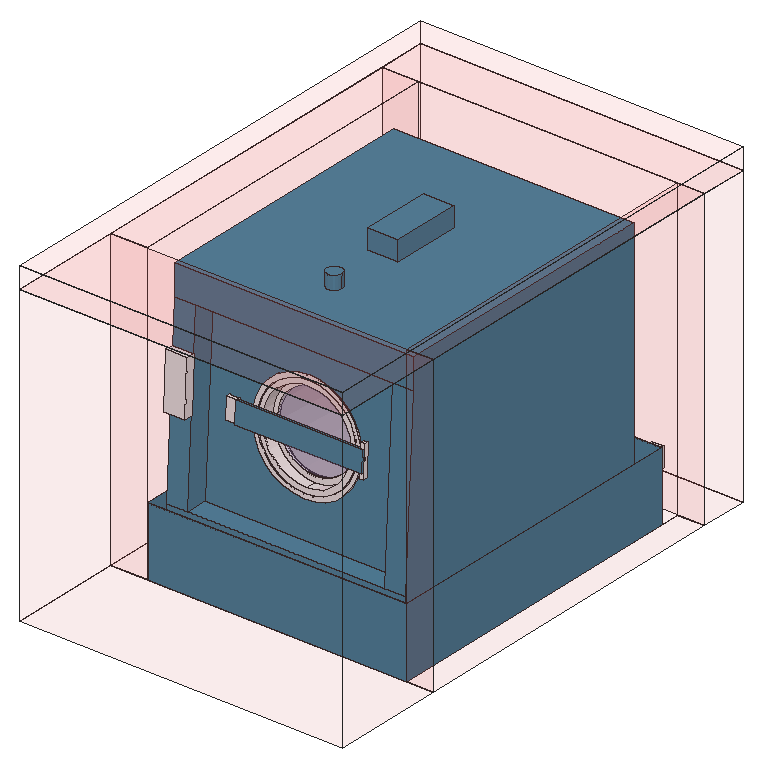
Revit family "Washer_Milnor_48040-F7B", category Mechanical Equipment, Revit 2026
Family settings
  Round Connector Dimension = Use Diameter
  Part Type = Normal
  Classification Number = 23.45.70.11.14.11
  Work Plane-Based = Yes
  Always vertical = No
  Cut with Voids When Loaded = No
  Maintain Annotation Orientation = No
  Shared = No
  Room Calculation Point = No
Parameters (values of type "Plus 480-60-3ph")
  doorgas = 2' - 4 1/2"
  Warranty Duration (Years) = 0
  Voltage_MEP = 480 V
  Vibration Frequency = 11.07
  Unit Width = 7' - 1 1/2"
  Unit Weight = 10031
  Unit Height = 8' - 2 1/4"
  Unit Depth = 9' - 4"
  URL = "http://www.milnor.com/"
  Specification = ""
  SpecWizard = ""
  Send Message = "http://www.arcat.com/users.pl?action=UserEmail&company=Pellerin+Milnor+Corp.&coid=34740&rep=108&fax=504-468-3094&mf="
  Sales Information = "http://www.milnor.com/contact_us.aspx"
  Revision = "R1_04-2011"
  Product Properties = ""
  Product Data = "http://www.arcat.com/arcatcos/cos34/arc34740.html"
  Phase = 3
  Number of Poles = 1
  Model = "48040F7B"
  Manufacturer Website = "http://www.milnor.com/"
  Manufacturer Phone - Toll Free = "800-469-8780"
  Manufacturer Phone = "504-467-9591"
  Manufacturer Fax = "504-468-3094"
  Manufacturer Address = "700 Jackson St.   Kenner, LA 70062"
  Manufacturer = "Pellerin Milnor Corp"
  Maintenance Schedule (Months) = 0
  MEP Amperage = 30 A
  Keynote = "11110"
  Interior Finish [instance] = Metal - Stainless Steel - Milnor - as Specified
  Installation-Fabrication = ""
  Installation Phase = ""
  Green Building-LEED = ""
  Frequency = 60 Hz
  Expected Lifespan (Years) = 0
  Dynamic Load = 1459.68 kip
  Drawn By = "Sumex Design, Inc. / Robert S. Weygant, CSI, CDT, SCIP"
  Door Opening Depth = 2' - 5 3/32"
  Door Opening = 2' - 6"
  Door Glazing [instance] = Glazing - Milnor - as Specified
  Door Finish [instance] = Metal - Stainless Steel - Milnor - Powder Coat as Specified
  Clearance Visible [instance] = yes
  Cabinet Front Doodads [instance] = Metal - Stainless Steel - Milnor - Powder Coat as Specified
  Description = "Milnor Commercial Washer Extractor - Model 48040F7B as Specified"
  Default Elevation = 4' - 0"
  Cylinder Volume = 42.00 CF
  Cylinder Diameter = 4' - 0"
  Cylinder Depth = 3' - 4"
  Door Base from FF = 2' - 6 3/8"
  Copyright = "©Arcat Inc."
  Construction Details = ""
  Capacity = "275 lbs Dry Weight"
  Cabinet Finish [instance] = Paint - Milnor - Blue
  Assembly Code = "E1010610"
Types (9): name | Voltage_MEP | MEP Amperage | Frequency
  Plus 480-60-3ph | 480 V | 30 A | 60 Hz
  Plus 415-50-3ph | 415 V | 33 A | 50 Hz
  Plus 400-50-3ph | 400 V | 33 A | 50 Hz
  Plus 380-60-3ph | 380 V | 33 A | 60 Hz
  Plus 380-50-3ph | 380 V | 33 A | 50 Hz
  Plus 240-60-3ph | 240 V | 59 A | 60 Hz
  Plus 220-60-3ph | 220 V | 60 A | 60 Hz
  Plus 220-50-3ph | 220 V | 60 A | 50 Hz
  Plus 208-60-3ph | 208 V | 62 A | 60 Hz
Reference planes (in)
  plane 1 "Center (Front/Back)": y = 0
  plane 2 "Bottom": z = 0
  plane 3 "Center (Left/Right)": x = 0
  plane 4 "Y": y = -44.75
  plane 5 "Top": z = 98.25
  plane 6: y = -73.84375
  plane 7: z = 45
  plane 8: y = 32
  plane 9: y = -32
  plane 10: x = -41.25
  plane 11: x = 41.25
  plane 12: x = -42.75
  plane 13: x = 42.75
  plane 14: y = 67.25
  plane 15: x = 16.65625
  plane 16: x = -8
  plane 17: x = -14.5
  plane 18: x = -22.0625
  plane 19: x = -24.0625
Forms (in)
  Extrusion 1, solid, material "Paint - Milnor - Blue" <- "Cabinet Finish"
    sketch origin (0, 0, 0) x (1, 0, 0) y (0, 1, 0)
      loop
        line (42.75, -44.75) -> (42.75, 60.71875) -> (-42.75, 60.71875) -> (-42.75, -44.75) -> (42.75, -44.75)
      loop
        line (-42.625, 60.59375) -> (-42.625, -44.625) -> (42.625, -44.625) -> (42.625, 60.59375) -> (-42.625, 60.59375)
    from 0 to 22.93256
  Extrusion 2, solid, material "Paint - Milnor - Blue" <- "Cabinet Finish"
    sketch origin (0, 0, 0) x (1, 0, 0) y (0, 1, 0)
      loop
        line (-41.25, 32) -> (-41.25, 20.25) -> (-25.75, 20.25) -> (-25.75, 32) -> (-41.25, 32)
      loop
        line (25.75, 32) -> (25.75, 20.25) -> (41.25, 20.25) -> (41.25, 32) -> (25.75, 32)
      loop
        line (-41.25, -20.25) -> (-41.25, -32) -> (-25.75, -32) -> (-25.75, -20.25) -> (-41.25, -20.25)
      loop
        line (25.75, -20.25) -> (25.75, -32) -> (41.25, -32) -> (41.25, -20.25) -> (25.75, -20.25)
    from 0 to 0.25
  Extrusion 3, solid, material "Paint - Milnor - Blue" <- "Cabinet Finish"
    sketch origin (0, 0, 0) x (0, 1, 0) y (0, 0, 1)
      loop
        line (-37.67193, 91.80775) -> (-37.67193, 81.80775) -> (-40.79901, 22.13964) -> (-40.79901, 7.13964) -> (52.95099, 7.13964) -> (52.95099, 91.80775) -> (-37.67193, 91.80775)
    from -39.5 to 39.5
  Extrusion 4, void
    sketch origin (0, 0, 0) x (0, 1, 0) y (0, 0, 1)
      loop
        line (-37.67193, 81.80775) -> (-40.79901, 22.13964) -> (-33.79901, 22.13964) -> (-30.67193, 81.80775) -> (-37.67193, 81.80775)
    from -32.5 to 32.5
  Extrusion 5, solid, material "Metal - Stainless Steel - Milnor - Powder Coat as Specified" <- "Door Finish"
    sketch origin (0, -30.67193, 81.80775) x (0, -0.052336, -0.99863) y (1, 0, 0)
      loop
        circle (29.875, 0) r 16.5
      loop
        circle (29.875, 0) r 18
    from 0 to 0.125
  Extrusion 6, solid, material "Metal - Stainless Steel - Milnor - Powder Coat as Specified" <- "Door Finish"
    sketch origin (0, -30.67193, 81.80775) x (0, -0.052336, -0.99863) y (1, 0, 0)
      loop
        circle (29.875, 0) r 16.5
      loop
        circle (29.875, 0) r 14.75
    from -5 to 0.375
  Extrusion 7, solid, material "Metal - Stainless Steel - Milnor - Powder Coat as Specified" <- "Door Finish"
    sketch origin (0, -30.67193, 81.80775) x (0, -0.052336, -0.99863) y (1, 0, 0)
      loop
        circle (29.875, 0) r 14.75
      loop
        circle (29.875, 0) r 13
    from -5 to -4
  Extrusion 8, solid, material "Glazing - Milnor - as Specified" <- "Door Glazing"
    sketch origin (0, -30.67193, 81.80775) x (0, -0.052336, -0.99863) y (1, 0, 0)
      loop
        circle (29.875, 0) r 13
    from -4.75 to -4.25
  Extrusion 9, void
    sketch origin (0, -30.67193, 81.80775) x (0, -0.052336, -0.99863) y (1, 0, 0)
      loop
        circle (29.875, 0) r 16.5
    from -5 to 0.375
  Extrusion 10, void
    sketch origin (0, -30.67193, 81.80775) x (0, -0.052336, -0.99863) y (1, 0, 0)
      loop
        circle (29.875, 0) r 24
    from -5 to -45
  Extrusion 11, solid, material "Paint - Milnor - Blue" <- "Cabinet Finish"
    sketch origin (0, -30.67193, 81.80775) x (0, -0.052336, -0.99863) y (1, 0, 0)
      loop
        line (33.375, -22.5) -> (33.375, 19.5) -> (26.375, 19.5) -> (26.375, -22.5) -> (33.375, -22.5)
    from 0.90974 to 1.7696
  Extrusion 12, solid, material "Metal - Stainless Steel - Milnor - Powder Coat as Specified" <- "Door Finish"
    sketch origin (0, -30.67193, 81.80775) x (0, -0.052336, -0.99863) y (1, 0, 0)
      loop
        line (33.375, -25.75) -> (33.375, -22.5) -> (26.375, -22.5) -> (26.375, -25.75) -> (33.375, -25.75)
    from 0 to 1.26202
  Extrusion 13, solid, material "Metal - Stainless Steel - Milnor - Powder Coat as Specified" <- "Door Finish"
    sketch origin (45.25, -30.67193, 81.80775) x (0, -0.052336, -0.99863) y (1, 0, 0)
      loop
        line (35.125, -26.75) -> (35.125, -25.5) -> (24.625, -25.5) -> (24.625, -26.75) -> (35.125, -26.75)
    from 0 to 1.26202
  Extrusion 14, solid, material "Paint - Milnor - Blue" <- "Cabinet Finish"
    sketch origin (0, 0, 0) x (0, 1, 0) y (0, 0, 1)
      loop
        line (-1, 91.80775) -> (22, 91.80775) -> (22, 98.25) -> (-1, 98.25) -> (-1, 91.80775)
    from -5 to 5
  Extrusion 15, solid, material "Paint - Milnor - Blue" <- "Cabinet Finish"
    sketch origin (0, 0, 0) x (1, 0, 0) y (0, 1, 0)
      loop
        circle (0, -21) r 2.5
    from 91.80775 to 96
  Extrusion 16, solid, material "Metal - Stainless Steel - Milnor - Powder Coat as Specified" <- "Cabinet Front Doodads"
    sketch origin (0, -37.67193, 81.80775) x (0, -0.052336, -0.99863) y (1, 0, 0)
      loop
        line (14.00865, -32.5) -> (14.00865, -39.5) -> (32.00865, -39.5) -> (32.00865, -32.5) -> (14.00865, -32.5)
    from 0 to 2.9485
  Extrusion 17, solid, material "Paint - Milnor - Blue" <- "Cabinet Finish"
    sketch origin (0, 0, 0) x (1, 0, 0) y (0, 1, 0)
      loop
        line (-39.5, -30.5) -> (-25.75, -30.5) -> (-25.75, -21.5) -> (-39.5, -21.5) -> (-39.5, -30.5)
      loop
        line (39.5, -30.5) -> (39.5, -21.5) -> (25.75, -21.5) -> (25.75, -30.5) -> (39.5, -30.5)
      loop
        line (-39.5, 30.5) -> (-39.5, 21.5) -> (-25.75, 21.5) -> (-25.75, 30.5) -> (-39.5, 30.5)
      loop
        line (39.5, 30.5) -> (25.75, 30.5) -> (25.75, 21.5) -> (39.5, 21.5) -> (39.5, 30.5)
    from 0 to 7.13964
  Extrusion 18, solid, material "Metal - Stainless Steel - Milnor - Powder Coat as Specified" <- "Cabinet Front Doodads"
    sketch origin (0, 52.95099, 7.13964) x (0, 0, 1) y (1, 0, 0)
      loop
        line (83.29754, -30) -> (83.29754, 30) -> (45.29754, 30) -> (45.29754, -30) -> (83.29754, -30)
    from 0 to 0.125
  Extrusion 19, solid, material "Metal - Stainless Steel - Milnor - Powder Coat as Specified" <- "Cabinet Front Doodads"
    sketch origin (16.65625, 50.06001, 120) x (0, -1, 0) y (0, 0, 1)
      loop
        line (-14.90813, -95.32222) -> (-14.90813, -97.32222) -> (-13.15813, -97.32222) -> (-13.15813, -118.57222) -> (-10.65874, -118.57222) -> (-10.65874, -116.57222) -> (-11.15813, -116.57222) -> (-11.15813, -95.32222) -> (-14.90813, -95.32222)
    from -1 to 1
  Extrusion 20, solid, material "Metal - Stainless Steel - Milnor - Powder Coat as Specified" <- "Cabinet Front Doodads"
    sketch origin (-8, 50.06001, 120) x (0, -1, 0) y (0, 0, 1)
      loop
        line (-14.90813, -95.32222) -> (-14.90813, -97.32222) -> (-13.15813, -97.32222) -> (-13.15813, -118.57222) -> (-10.65874, -118.57222) -> (-10.65874, -116.57222) -> (-11.15813, -116.57222) -> (-11.15813, -95.32222) -> (-14.90813, -95.32222)
    from -1 to 1
  Extrusion 21, solid, material "Metal - Stainless Steel - Milnor - Powder Coat as Specified" <- "Cabinet Front Doodads"
    sketch origin (-14.5, 50.06001, 120) x (0, -1, 0) y (0, 0, 1)
      loop
        line (-14.90813, -95.32222) -> (-14.90813, -97.32222) -> (-13.15813, -97.32222) -> (-13.15813, -118.57222) -> (-10.65874, -118.57222) -> (-10.65874, -116.57222) -> (-11.15813, -116.57222) -> (-11.15813, -95.32222) -> (-14.90813, -95.32222)
    from -1 to 1
  Extrusion 22, solid, material "Metal - Stainless Steel - Milnor - Powder Coat as Specified" <- "Cabinet Front Doodads"
    sketch origin (-22.0625, 50.06001, 120) x (0, -1, 0) y (0, 0, 1)
      loop
        line (-14.90813, -95.32222) -> (-14.90813, -97.32222) -> (-13.15813, -97.32222) -> (-13.15813, -118.57222) -> (-10.65874, -118.57222) -> (-10.65874, -116.57222) -> (-11.15813, -116.57222) -> (-11.15813, -95.32222) -> (-14.90813, -95.32222)
    from -1 to 1
  Extrusion 23, solid, material "Metal - Stainless Steel - Milnor - Powder Coat as Specified" <- "Cabinet Front Doodads"
    sketch origin (0, 0, 0) x (0, 1, 0) y (0, 0, 1)
      loop
        line (66.71967, 16.82036) -> (63.83669, 16.82036) -> (63.83669, 15.82036) -> (60.71875, 15.82036) -> (60.71875, 6.82036) -> (63.83669, 6.82036) -> (63.83669, 4.82036) -> (66.58669, 4.82036) -> (67.25, 5.12967) -> (67.25, 6.12967) -> (66.71967, 6.66) -> (66.71967, 16.82036)
    from -6.01251 to -3.75029
  Extrusion 24, solid, material "Metal - Stainless Steel - Milnor - Powder Coat as Specified" <- "Cabinet Front Doodads"
    sketch origin (0, 0, 0) x (0, 1, 0) y (0, 0, 1)
      loop
        line (66.71967, 16.82036) -> (63.83669, 16.82036) -> (63.83669, 15.82036) -> (60.71875, 15.82036) -> (60.71875, 6.82036) -> (63.83669, 6.82036) -> (63.83669, 4.82036) -> (66.58669, 4.82036) -> (67.25, 5.12967) -> (67.25, 6.12967) -> (66.71967, 6.66) -> (66.71967, 16.82036)
    from -12.50913 to -10.30492
  Extrusion 25, solid, material "Metal - Stainless Steel - Milnor - Powder Coat as Specified" <- "Cabinet Front Doodads"
    sketch origin (0, 0, 0) x (1, 0, 0) y (0, 1, 0)
      loop
        line (41.625, 60.71875) -> (41.625, 62.71875) -> (37.625, 62.71875) -> (37.625, 60.71875) -> (41.625, 60.71875)
    from 15.82036 to 22.06863
  Extrusion 26, solid, material "Metal - Stainless Steel - Milnor - Powder Coat as Specified" <- "Cabinet Front Doodads"
    sketch origin (-42.75, 60.71875, 0) x (1, 0, 0) y (0, 0, -1)
      loop
        circle (18.6875, -6.5) r 0.375
    from 0 to 2.49939
  Extrusion 27, solid, material "Paint - Milnor - Black"
    sketch origin (0, 0, 0) x (1, 0, 0) y (0, 1, 0)
      loop
        circle (-6.75, -6.8125) r 2.25
    from 11.25 to 14
  Extrusion 28, solid, material "ARCAT Clearance", visible <- "Clearance Visible"
    sketch origin (-3.77408, -37.65625, 0) x (1, 0, 0) y (0, 1, 0)
      loop
        line (-50.97592, -7.09375) -> (-50.97592, -44.71875) -> (55.55533, -44.71875) -> (55.55533, -7.09375) -> (-50.97592, -7.09375)
    from 0 to 98.25
  Extrusion 29, solid, material "ARCAT Clearance", visible <- "Clearance Visible"
    sketch origin (-30.25, 103.6875, 0) x (1, 0, 0) y (0, 1, 0)
      loop
        line (-24.5, -20.61151) -> (-24.5, -36.4375) -> (82.03125, -36.4375) -> (82.03125, -20.61151) -> (-24.5, -20.61151)
    from 0 to 98.25
  Extrusion 30, solid, material "ARCAT Clearance", visible <- "Clearance Visible"
    sketch origin (64.78125, -20.28125, 0) x (1, 0, 0) y (0, 1, 0)
      loop
        line (-22.03125, 87.53125) -> (-22.03125, -24.46875) -> (-13, -24.46875) -> (-13, 87.53125) -> (-22.03125, 87.53125)
    from 0 to 98.25
  Extrusion 31, solid, material "ARCAT Clearance", visible <- "Clearance Visible"
    sketch origin (-41.75, -8.40625, 0) x (1, 0, 0) y (0, 1, 0)
      loop
        line (-13, 75.65625) -> (-13, -36.34375) -> (-1, -36.34375) -> (-1, 75.65625) -> (-13, 75.65625)
    from 0 to 98.25
  Extrusion 32, solid, material "ARCAT Clearance", visible <- "Clearance Visible"
    sketch origin (-41.75, -46.1875, 0) x (1, 0, 0) y (0, 1, 0)
      loop
        line (-13, 129.26349) -> (-13, -36.1875) -> (93.53125, -36.1875) -> (93.53125, 129.26349) -> (-13, 129.26349)
    from 98.25 to 105.25
Cuts and joins
  Extrusion 4, Extrusion 9, Extrusion 10 cuts Extrusion 3
  Extrusion 4, Extrusion 10 cuts Extrusion 6
  Extrusion 10 cuts Extrusion 5
  Extrusion 10 cuts Extrusion 7
Lines and regions (in)
  symbolic lines, style "MechanicalEquipmentHiddenLines"
    curve 1: line (-30, 53.07599, 0) -> (-30, 83.07599, 0)
    curve 2: arc (-30, 83.07599, 0) -> (-8.7868, 74.2892, 0) -> (0, 53.07599, 0) r 30
    curve 3: line (30, 53.07599, 0) -> (30, 83.07599, 0)
    curve 4: arc (30, 83.07599, 0) -> (8.7868, 74.2892, 0) -> (0, 53.07599, 0) r 30
    curve 5: line (19.125, -31.96071, 0) -> (51.78125, -58.13093, 0)
    curve 6: arc (51.78125, -58.13093, 0) -> (5.30882, -71.49388, 0) -> (-22.66646, -32.05229, 0) r 41.79146
Dimensions and locks (in)
  "Unit Height": plane 5 "Top" to level
  "Door Opening Depth": plane 4 "Y" to plane 6
  equal spacing: plane 8, plane 1 "Center (Front/Back)", plane 9
  locked: plane 8 to plane 9 at 64
  equal spacing: plane 10, plane 3 "Center (Left/Right)", plane 11
  locked: plane 10 to plane 11 at 82.5
  locked: plane 9 to plane 4 "Y" at 12.75
  equal spacing: plane 12, plane 3 "Center (Left/Right)", plane 13
  "Unit Width": plane 12 to plane 13
  locked: Extrusion 1 sketch curve to plane 4 "Y" at 105.46875
  locked: plane 14 to plane 4 "Y" at 112
  aligned and locked: Extrusion 1 sketch curve to plane 13
  aligned and locked: plane 12 to Extrusion 1 sketch curve
  aligned and locked: plane 4 "Y" to Extrusion 1 sketch curve
Automatic sketch dimensions
  plane 12 to Extrusion 1 sketch curve = 0' - 0 1/8"
  Extrusion 1 sketch curve to plane 13 = 0' - 0 1/8"
  plane 4 "Y" to Extrusion 1 sketch curve = 0' - 0 1/8"
  Extrusion 1 sketch curve to Extrusion 1 sketch curve = 0' - 0 1/8"
  Extrusion 2 sketch curve to plane 8 = 0' - 0"  (x2)
  Extrusion 2 sketch curve to plane 10 = 0' - 0"  (x2)
  Extrusion 2 sketch curve to plane 9 = 0' - 0"  (x2)
  Extrusion 2 sketch curve to plane 11 = 0' - 0"  (x2)
  plane 19 to Extrusion 2 sketch curve = 0' - 1 11/16"  (x2)
  Extrusion 2 sketch curve to plane 15 = 0' - 9 3/32"  (x2)
  plane 9 to Extrusion 2 sketch curve = 0' - 11 3/4"  (x2)
  Extrusion 2 sketch curve to plane 8 = 0' - 11 3/4"  (x2)
  plane 4 "Y" to Extrusion 3 sketch curve = 0' - 3.95099"
  Extrusion 3 sketch curve to plane 9 = 0' - 5.67193"
  Extrusion 3 sketch curve to plane 5 "Top" = 0' - 6.44225"
  Extrusion 3 sketch curve to plane 14 = 1' - 2.29901"
  Extrusion 3 sketch curve to Extrusion 3 sketch curve = 0' - 10"
  level to Extrusion 3 sketch curve = 1' - 10.13964"
  level to Extrusion 3 sketch curve = 0' - 7.13964"
  plane 4 "Y" to Extrusion 4 sketch curve = 0' - 3.95099"
  Extrusion 4 sketch curve to plane 9 = 0' - 5.67193"
  Extrusion 4 sketch curve to plane 9 = 0' - 1.79901"
  plane 9 to Extrusion 4 sketch curve = 0' - 1.32807"
  level to Extrusion 4 sketch curve = 1' - 10.13964"
  Extrusion 4 sketch curve to plane 5 "Top" = 1' - 4.44225"
  Extrusion 5 sketch curve to Extrusion 5 sketch curve = 0' - 0"  (x2)
  Extrusion 4 to Extrusion 5 sketch curve = 2' - 5 7/8"
  Extrusion 4 to Extrusion 5 sketch curve = 2' - 8 1/2"
  Extrusion 6 sketch curve to Extrusion 6 sketch curve = 0' - 0"  (x2)
  Extrusion 4 to Extrusion 6 sketch curve = 2' - 5 7/8"
  Extrusion 4 to Extrusion 6 sketch curve = 2' - 8 1/2"
  Extrusion 7 sketch curve to Extrusion 7 sketch curve = 0' - 0"  (x2)
  Extrusion 4 to Extrusion 7 sketch curve = 2' - 5 7/8"
  Extrusion 4 to Extrusion 7 sketch curve = 2' - 8 1/2"
  Extrusion 4 to Extrusion 8 sketch curve = 2' - 5 7/8"
  Extrusion 4 to Extrusion 8 sketch curve = 2' - 8 1/2"
  Extrusion 4 to Extrusion 9 sketch curve = 2' - 5 7/8"
  Extrusion 4 to Extrusion 9 sketch curve = 2' - 8 1/2"
  Extrusion 4 to Extrusion 10 sketch curve = 2' - 5 7/8"
  Extrusion 4 to Extrusion 10 sketch curve = 2' - 8 1/2"
  Extrusion 4 to Extrusion 11 sketch curve = 0' - 10"
  Extrusion 4 to Extrusion 11 sketch curve = 2' - 2 3/8"
  Extrusion 11 sketch curve to Extrusion 11 sketch curve = 0' - 7"
  Extrusion 4 to Extrusion 11 sketch curve = 1' - 1"
  Extrusion 4 to Extrusion 12 sketch curve = 0' - 6 3/4"
  Extrusion 4 to Extrusion 12 sketch curve = 2' - 2 3/8"
  Extrusion 12 sketch curve to Extrusion 12 sketch curve = 0' - 7"
  Extrusion 12 sketch curve to Extrusion 12 sketch curve = 0' - 3 1/4"
  Extrusion 4 to Extrusion 13 sketch curve = 2' - 0 5/8"
  Extrusion 13 sketch curve to Extrusion 13 sketch curve = 0' - 10 1/2"
  Extrusion 4 to Extrusion 13 sketch curve = 1' - 2"
  Extrusion 13 sketch curve to Extrusion 13 sketch curve = 0' - 1 1/4"
  Extrusion 14 sketch curve to plane 5 "Top" = 0' - 0"
  plane 1 "Center (Front/Back)" to Extrusion 14 sketch curve = 0' - 1"
  Extrusion 14 sketch curve to plane 8 = 0' - 10"
  Extrusion 14 sketch curve to Extrusion 14 sketch curve = 0' - 6.44225"
  Extrusion 15 sketch curve to plane 3 "Center (Left/Right)" = 0' - 0"
  plane 9 to Extrusion 15 sketch curve = 0' - 11"
  Extrusion 16 sketch curve to Extrusion 3 = 0' - 0"
  Extrusion 16 sketch curve to Extrusion 3 = 1' - 2.00865"
  Extrusion 3 to Extrusion 16 sketch curve = 0' - 7"
  Extrusion 16 sketch curve to Extrusion 16 sketch curve = 1' - 6"
  plane 10 to Extrusion 17 sketch curve = 0' - 1 3/4"  (x2)
  plane 19 to Extrusion 17 sketch curve = 0' - 1 11/16"  (x2)
  plane 9 to Extrusion 17 sketch curve = 0' - 1 1/2"  (x2)
  Extrusion 17 sketch curve to plane 15 = 0' - 9 3/32"  (x2)
  Extrusion 17 sketch curve to plane 11 = 0' - 1 3/4"  (x2)
  Extrusion 17 sketch curve to Extrusion 17 sketch curve = 0' - 9"  (x2)
  Extrusion 17 sketch curve to plane 8 = 0' - 10 1/2"  (x2)
  Extrusion 17 sketch curve to plane 8 = 0' - 1 1/2"  (x2)
  Extrusion 3 to Extrusion 18 sketch curve = 0' - 9 1/2"  (x2)
  Extrusion 18 sketch curve to Extrusion 3 = 3' - 3.37058"
  Extrusion 18 sketch curve to Extrusion 3 = 0' - 1.37058"
  Extrusion 19 sketch curve to plane 14 = 0' - 2.28186"
  Extrusion 19 sketch curve to Extrusion 19 sketch curve = 0' - 1 3/4"
  Extrusion 19 sketch curve to Extrusion 19 sketch curve = 0' - 2"  (x3)
  Extrusion 19 sketch curve to Extrusion 19 sketch curve = 0' - 0.49939"
  level to Extrusion 19 sketch curve = 0' - 1.42778"
  Extrusion 19 sketch curve to Extrusion 19 sketch curve = 1' - 7 1/4"
  Extrusion 20 sketch curve to plane 14 = 0' - 2.28186"
  Extrusion 20 sketch curve to Extrusion 20 sketch curve = 0' - 1 3/4"
  Extrusion 20 sketch curve to Extrusion 20 sketch curve = 0' - 2"  (x3)
  Extrusion 20 sketch curve to Extrusion 20 sketch curve = 0' - 0.49939"
  level to Extrusion 20 sketch curve = 0' - 1.42778"
  Extrusion 20 sketch curve to Extrusion 20 sketch curve = 1' - 7 1/4"
  Extrusion 21 sketch curve to plane 14 = 0' - 2.28186"
  Extrusion 21 sketch curve to Extrusion 21 sketch curve = 0' - 1 3/4"
  Extrusion 21 sketch curve to Extrusion 21 sketch curve = 0' - 2"  (x3)
  Extrusion 21 sketch curve to Extrusion 21 sketch curve = 0' - 0.49939"
  level to Extrusion 21 sketch curve = 0' - 1.42778"
  Extrusion 21 sketch curve to Extrusion 21 sketch curve = 1' - 7 1/4"
  Extrusion 22 sketch curve to plane 14 = 0' - 2.28186"
  Extrusion 22 sketch curve to Extrusion 22 sketch curve = 0' - 1 3/4"
  Extrusion 22 sketch curve to Extrusion 22 sketch curve = 0' - 2"  (x3)
  Extrusion 22 sketch curve to Extrusion 22 sketch curve = 0' - 0.49939"
  level to Extrusion 22 sketch curve = 0' - 1.42778"
  Extrusion 22 sketch curve to Extrusion 22 sketch curve = 1' - 7 1/4"
  Extrusion 23 sketch curve to plane 14 = 0' - 0"
  Extrusion 23 sketch curve to plane 14 = 0' - 0.53033"
  Extrusion 23 sketch curve to plane 14 = 0' - 0.66331"
  Extrusion 23 sketch curve to Extrusion 23 sketch curve = 0' - 2 3/4"
  Extrusion 23 sketch curve to Extrusion 23 sketch curve = 0' - 2.88298"
  Extrusion 23 sketch curve to Extrusion 23 sketch curve = 0' - 3.11794"
  level to Extrusion 23 sketch curve = 0' - 4.82036"
  Extrusion 23 sketch curve to Extrusion 23 sketch curve = 0' - 0.30931"
  Extrusion 23 sketch curve to Extrusion 23 sketch curve = 0' - 1"  (x2)
  Extrusion 23 sketch curve to Extrusion 23 sketch curve = 0' - 0.53033"
  Extrusion 23 sketch curve to Extrusion 23 sketch curve = 0' - 2"
  Extrusion 23 sketch curve to Extrusion 23 sketch curve = 0' - 9"
  Extrusion 24 sketch curve to plane 14 = 0' - 0"
  Extrusion 24 sketch curve to plane 14 = 0' - 0.53033"
  Extrusion 24 sketch curve to plane 14 = 0' - 0.66331"
  Extrusion 24 sketch curve to Extrusion 24 sketch curve = 0' - 2 3/4"
  Extrusion 24 sketch curve to Extrusion 24 sketch curve = 0' - 2.88298"
  Extrusion 24 sketch curve to Extrusion 24 sketch curve = 0' - 3.11794"
  level to Extrusion 24 sketch curve = 0' - 4.82036"
  Extrusion 24 sketch curve to Extrusion 24 sketch curve = 0' - 0.30931"
  Extrusion 24 sketch curve to Extrusion 24 sketch curve = 0' - 1"  (x2)
  Extrusion 24 sketch curve to Extrusion 24 sketch curve = 0' - 0.53033"
  Extrusion 24 sketch curve to Extrusion 24 sketch curve = 0' - 2"
  Extrusion 24 sketch curve to Extrusion 24 sketch curve = 0' - 9"
  Extrusion 25 sketch curve to plane 11 = 0' - 3 5/8"
  plane 11 to Extrusion 25 sketch curve = 0' - 0 3/8"
  Extrusion 25 sketch curve to plane 14 = 0' - 6 17/32"
  Extrusion 25 sketch curve to Extrusion 25 sketch curve = 0' - 2"
  Extrusion 1 to Extrusion 26 sketch curve = 0' - 6 1/2"
  Extrusion 26 sketch curve to Extrusion 1 = 1' - 6 11/16"
  Extrusion 27 sketch curve to plane 16 = 0' - 1 1/4"
  plane 1 "Center (Front/Back)" to Extrusion 27 sketch curve = 0' - 6 13/16"
  Extrusion 28 sketch curve to plane 6 = 0' - 8 17/32"
  plane 17 to Extrusion 28 sketch curve = 3' - 4 1/4"
  Extrusion 28 sketch curve to plane 15 = 2' - 11 1/8"
  Extrusion 28 sketch curve to plane 4 "Y" = 0' - 0"
  plane 14 to Extrusion 29 sketch curve = 0' - 0"
  Extrusion 29 sketch curve to plane 12 = 1' - 0"
  Extrusion 29 sketch curve to plane 17 = 5' - 6 9/32"
  Extrusion 29 sketch curve to Extrusion 29 sketch curve = 1' - 3.82599"
  plane 13 to Extrusion 30 sketch curve = 0' - 0"
  Extrusion 30 sketch curve to plane 4 "Y" = 0' - 0"
  Extrusion 30 sketch curve to Extrusion 30 sketch curve = 0' - 9 1/32"
  plane 4 "Y" to Extrusion 30 sketch curve = 9' - 4"
  Extrusion 31 sketch curve to plane 4 "Y" = 0' - 0"
  Extrusion 31 sketch curve to plane 12 = 1' - 0"
  Extrusion 31 sketch curve to plane 10 = 0' - 1 1/2"
  plane 9 to Extrusion 31 sketch curve = 8' - 3 1/4"
  Extrusion 32 sketch curve to plane 12 = 1' - 0"
  Extrusion 32 sketch curve to plane 19 = 6' - 3 27/32"
  Extrusion 32 sketch curve to plane 6 = 0' - 8 17/32"
  plane 6 to Extrusion 32 sketch curve = 13' - 0.91974"
  curve 2 to plane 3 "Center (Left/Right)" = 0' - 0"
  curve 4 to plane 3 "Center (Left/Right)" = 0' - 0"
  curve 6 to plane 9 = 0' - 0.05229"
  plane 18 to curve 6 = 0' - 0.60396"
  plane 19 to curve 1 = 0' - 5 15/16"
  curve 6 to plane 15 = 0' - 2 15/32"
  plane 9 to curve 5 = 0' - 0.03929"
  curve 5 to curve 6 = 0' - 0"
  curve 3 to plane 11 = 0' - 11 1/4"
  plane 13 to curve 6 = 0' - 9 1/32"
  curve 2 to plane 14 = 1' - 2.17401"
  curve 4 to plane 14 = 1' - 2.17401"
  curve 3 to curve 4 = 0' - 0"
  curve 1 to curve 2 = 0' - 0"
  radius of Extrusion 5 sketch curve = 1' - 4 1/2"
  radius of Extrusion 5 sketch curve = 1' - 6"
  radius of Extrusion 6 sketch curve = 1' - 4 1/2"
  radius of Extrusion 6 sketch curve = 1' - 2 3/4"
  radius of Extrusion 7 sketch curve = 1' - 2 3/4"
  radius of Extrusion 7 sketch curve = 1' - 1"
  radius of Extrusion 8 sketch curve = 1' - 1"
  radius of Extrusion 9 sketch curve = 1' - 4 1/2"
  radius of Extrusion 10 sketch curve = 2' - 0"
  radius of Extrusion 15 sketch curve = 0' - 2 1/2"
  radius of Extrusion 26 sketch curve = 0' - 0 3/8"
  radius of Extrusion 27 sketch curve = 0' - 2 1/4"
Connectors (in)
  piping at (-8, 64.96814, 23.67778), diameter 1.5
    settings: on Extrusion 20, index 1, connector inside diameter 1 1/2", connector length 0' - 0", flow factor 0, pipe flow 0 GPM, pressure drop 0.00 psi, fitting loss kfactor 0, connector angle 0.00°, fixture units 0, engagement length 0' - 0", angle of deflection 0.00°, flow configuration 0, flow direction 1, fitting loss method 0, system type 20, joint type 0, gender type 0, connector reference index -1, connector utility 0, adjustable connector no, is connector primary yes, connector description "DCW Inlet"
  piping at (-14.5, 64.96814, 23.67778), diameter 1.5
    settings: on Extrusion 21, index 2, connector inside diameter 1 1/2", connector length 0' - 0", flow factor 0, pipe flow 0 GPM, pressure drop 0.00 psi, fitting loss kfactor 0, connector angle 0.00°, fixture units 0, engagement length 0' - 0", angle of deflection 0.00°, flow configuration 0, flow direction 1, fitting loss method 0, system type 19, joint type 0, gender type 0, connector reference index -1, connector utility 0, adjustable connector no, is connector primary no, connector description "DHW Inlet"
  piping at (-22.0625, 64.96814, 23.67778), diameter 1.5
    settings: on Extrusion 22, index 3, connector inside diameter 1 1/2", connector length 0' - 0", flow factor 0, pipe flow 0 GPM, pressure drop 0.00 psi, fitting loss kfactor 0, connector angle 0.00°, fixture units 0, engagement length 0' - 0", angle of deflection 0.00°, flow configuration 0, flow direction 1, fitting loss method 0, system type 29, joint type 0, gender type 0, connector reference index -1, connector utility 0, adjustable connector no, is connector primary no, connector description "Reuse or Third Water Inlet"
  piping at (16.65625, 64.96814, 23.67778), diameter 1.25
    settings: on Extrusion 19, index 4, connector inside diameter 1 1/4", connector length 0' - 0", flow factor 0, pipe flow 0 GPM, pressure drop 0.00 psi, fitting loss kfactor 0, connector angle 0.00°, fixture units 0, engagement length 0' - 0", angle of deflection 0.00°, flow configuration 0, flow direction 1, fitting loss method 0, system type 29, joint type 0, gender type 0, connector reference index -1, connector utility 0, adjustable connector no, is connector primary no, connector description "Steam Inlet"
  electrical at (39.625, 62.71875, 18.94449)
    settings: on Extrusion 25, index 5, voltage 0 V, apparent load 0 VA, apparent load phase1 0 VA, apparent load phase2 0 VA, apparent load phase3 0 VA, power factor 1, load classification "Other", number of poles 1, system type 31, power factor state 1, is connector primary yes, connector utility no, sub classification motor no, connector description ""
  piping at (-24.0625, 63.21814, 6.5), diameter 0.75
    settings: on Extrusion 26, index 6, connector inside diameter 3/4", connector length 0' - 0", flow factor 0, pipe flow 0 GPM, pressure drop 0.00 psi, fitting loss kfactor 0, connector angle 0.00°, fixture units 0, engagement length 0' - 0", angle of deflection 0.00°, flow configuration 0, flow direction 1, fitting loss method 0, system type 29, joint type 0, gender type 0, connector reference index -1, connector utility 0, adjustable connector no, is connector primary no, connector description "Air Connection"
  piping at (-6.75, -6.8125, 11.25), diameter 4.5
    settings: on Extrusion 27, index 7, connector inside diameter 4 1/2", connector length 0' - 0", flow factor 0, pipe flow 0 GPM, pressure drop 0.00 psi, fitting loss kfactor 0, connector angle 0.00°, fixture units 0, engagement length 0' - 0", angle of deflection 0.00°, flow configuration 0, flow direction 2, fitting loss method 0, system type 16, joint type 0, gender type 0, connector reference index -1, connector utility 0, adjustable connector no, is connector primary no, connector description "Drain"
